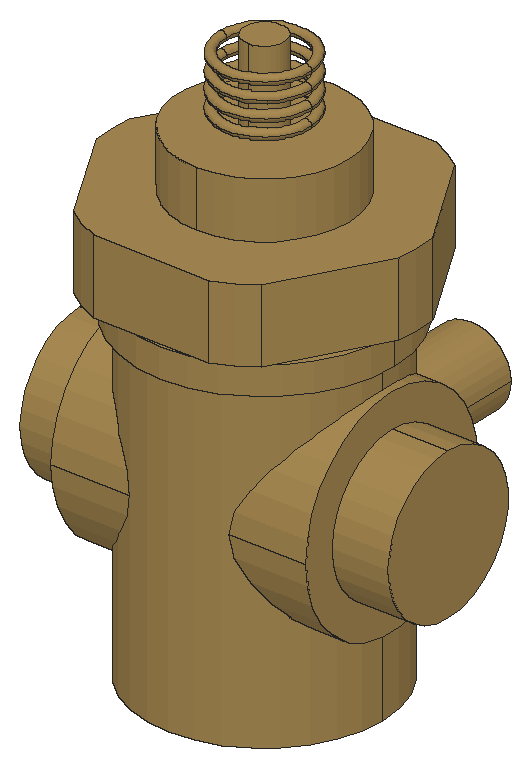
Revit family "VM2_DN15-50_RFA_1", category Pipe Accessories, Revit 2019
Family settings
  Round Connector Dimension = Use Diameter
  Part Type = Valve - Breaks Into
  OmniClass Number = 23.65.55.14.17
  OmniClass Title = Adjusting/Controlling Valves for Liquid Services
  Work Plane-Based = No
  Always vertical = Yes
  Cut with Voids When Loaded = No
  Shared = No
Parameters (values of type "VM2_DN15_Kvs0.25_065B2010")
  xx = if(and(LOD 350, DN15), 1 = 1, 1 = 0)  # yes
  vertical body diameter = 42 mm
  sweep right vertical distance = 41.36 mm
  sweep left vertical distance = 25.5 mm
  sweep horizontal distance = 28.096 mm
  top screw = 13.6 mm
  right sweep length = 27.957 mm
  left sweep length = 27.957 mm
  horizontal body diameter = 38 mm
  h3 = 13 mm
  h2 = 9.9 mm
  h1 = 14.5 mm
  bottom screw LOD200 = 54 mm
  bottom screw 350 visibility = if(and(LOD 350, not(DN4050)), 1 = 1, 1 = 0)  # yes
  ball diameter = 38 mm
  connector diameter = 26.4 mm
  bottom screw LOD350 = 10 mm
  Weight = 0.80 kg
  W = 53 mm
  Valve Body Material = Danfoss Red Bronze
  URL = "https://store.danfoss.com/en/Climate-Solutions-for-heating/Motorised-Control-Valves-/Globe-Valves/Valves-for-District-Heating-and-District-Cooling/c/4104?q=%3Arelevance%3Adanfoss_producttypehierarchydesc%3A0d59a4e392de68c6a8a7e13779f7b166dc42955a&page=0&pageSize=20"
  Stroke = "5 mm"
  Pressure Drop [instance] = 0.0 Pa
  Nominal Pressure = "PN 25"  # constant formula
  Model Type = "VM2_DN15_Kvs0.25"
  Model = "065B2010"
  Min Medium Temperature = "2 °C"  # constant formula
  Max Operating Pressure = "12 bar"  # constant formula
  Max Medium Temperature = "150 °C"  # constant formula
  Max Differential Pressure = "16 bar"
  Manufacturer = "Danfoss"  # constant formula
  LOD 350 = not(LOD 200)  # yes
  LOD 200 = no
  L1 = 10 mm
  L = 65 mm
  Kvs = 0.25 m³/h
  IfcExportType = "VM2"  # constant formula
  IfcExportAs = "IfcValveType"  # constant formula
  H2 = 67.7 mm
  H1 = 33.5 mm
  H = H1 + H2  # 101.2 mm
  Flow [instance] = 0.0 m³/h
  Description = "Motorized Control Valve"  # constant formula
  DN4050 = no
  DN15 = yes
  D = 15 mm
  Connection = "External thread"  # constant formula
Types (15, lengths in mm): name | xx | vertical body diameter | sweep right vertical distance | sweep left vertical distance | sweep horizontal distance | top screw | right sweep length | left sweep length | horizontal body diameter | h3 | h2 | h1 | bottom screw LOD200 | bottom screw 350 visibility | ball diameter | connector diameter | bottom screw LOD350 | Weight | W | Stroke | Model Type | Model | Max Differential Pressure | L1 | L | Kvs | H2 | H1 | H | DN4050 | DN15 | D
  VM2_DN20_Kvs4.0_065B2016 | no | 42 | 25.5 | 31.5 | 28.096 | 13.6 | 32 | 32 | 38 | 13 | 9.7 | 14.6 | 54 | yes | 56.4 | 33.2 | 10 | 0.83 kg | 61 | "5 mm" | "VM2_DN20_Kvs4.0" | "065B2016" | "25 bar" | 12.5 | 70 | 4.0 m³/h | 67.3 | 33.5 | 100.8 | no | no | 20
  VM2_DN25_Kvs6.3_065B2017 | no | 42 | 29.684 | 45.433 | 28.096 | 13.6 | 31.506 | 33.006 | 44 | 13 | 9.7 | 14.492 | 54 | yes | 58 | 41.9 | 10 | 0.98 kg | 63 | "5 mm" | "VM2_DN25_Kvs6.3" | "065B2017" | "25 bar" | 14.5 | 75 | 6.3 m³/h | 67.3 | 37 | 104.3 | no | no | 25
  VM2_DN32_Kvs10_065B2018 | no | 42 | 46.385 | 30.168 | 28.096 | 13 | 35 | 35 | 46 | 13.5 | 9.7 | 14.532 | 54 | yes | 62 | 48 | 10 | 1.18 kg | 66.705 | "5 mm" | "VM2_DN32_Kvs10" | "065B2018" | "25 bar" | 24.3 | 100 | 10.0 m³/h | 67.732 | 37.8 | 105.532 | no | no | 32
  VM2_DN40_Kvs16_065B2019 | no | 62 | 50.829 | 24.769 | 44.06 | 27.7 | 42.5 | 42.5 | 58 | 23.2 | 10.6 | 14.9 | 68 | no | 85 | 59.6 | 68 | 2.34 kg | 85.744 | "10 mm" | "VM2_DN40_Kvs16" | "065B2019" | "16 bar" | 12.3 | 110.5 | 16.0 m³/h | 88.2 | 38 | 126.2 | yes | no | 40
  VM2_DN50_Kvs25_065B2020 | no | 62 | 60.069 | 28.505 | 54.337 | 18.6 | 49.999 | 50 | 72 | 12.672 | 11.9 | 13.3 | 68 | no | 100 | 80.4 | 68 | 3.25 kg | 100.764 | "10 mm" | "VM2_DN50_Kvs25" | "065B2020" | "16 bar" | 16.5 | 130 | 25.0 m³/h | 86.7 | 45 | 131.7 | yes | no | 50
  VM2_DN15_Kvs0.25_065B2010 | yes | 42 | 41.36 | 25.5 | 28.096 | 13.6 | 27.957 | 27.957 | 38 | 13 | 9.9 | 14.5 | 54 | yes | 38 | 26.4 | 10 | 0.80 kg | 53 | "5 mm" | "VM2_DN15_Kvs0.25" | "065B2010" | "16 bar" | 10 | 65 | 0.25 m³/h | 67.7 | 33.5 | 101.2 | no | yes | 15
  VM2_DN32_Kvs10_065B2029 | no | 42 | 46.385 | 30.168 | 28.096 | 13 | 35 | 35 | 46 | 13.5 | 9.7 | 14.527 | 54 | yes | 62 | 48 | 10 | 1.22 kg | 66.7 | "7 mm" | "VM2_DN32_Kvs10" | "065B2029" | "25 bar" | 24.3 | 100 | 10.0 m³/h | 67.727 | 37.8 | 105.527 | no | no | 32
  VM2_DN25_Kvs8.0_065B2028 | no | 42 | 29.684 | 45.433 | 28.096 | 13.6 | 31.506 | 33.006 | 44 | 13 | 9.7 | 14.6 | 54 | yes | 58 | 41.9 | 10 | 0.98 kg | 63 | "5 mm" | "VM2_DN25_Kvs8.0" | "065B2028" | "25 bar" | 14.5 | 75 | 8.0 m³/h | 67.3 | 37 | 104.3 | no | no | 25
  VM2_DN20_Kvs6.3_065B2027 | no | 42 | 25.5 | 31.5 | 28.096 | 13.6 | 32 | 32 | 38 | 13 | 9.7 | 14.6 | 54 | yes | 56.4 | 33.2 | 10 | 0.83 kg | 61 | "7 mm" | "VM2_DN20_Kvs6.3" | "065B2027" | "25 bar" | 12.5 | 70 | 6.3 m³/h | 67.3 | 33.5 | 100.8 | no | no | 20
  VM2_DN15_Kvs0.4_065B2011 | yes | 42 | 41.36 | 25.5 | 28.096 | 13.6 | 27.957 | 27.957 | 38 | 13 | 9.9 | 14.5 | 54 | yes | 38 | 26.4 | 10 | 0.80 kg | 53 | "5 mm" | "VM2_DN15_Kvs0.4" | "065B2011" | "16 bar" | 10 | 65 | 0.4 m³/h | 67.7 | 33.5 | 101.2 | no | yes | 15
  VM2_DN15_Kvs0.63_065B2012 | yes | 42 | 41.36 | 25.5 | 28.096 | 13.6 | 27.957 | 27.957 | 38 | 13 | 9.9 | 14.5 | 54 | yes | 38 | 26.4 | 10 | 0.80 kg | 53 | "5 mm" | "VM2_DN15_Kvs0.63" | "065B2012" | "16 bar" | 10 | 65 | 0.63 m³/h | 67.7 | 33.5 | 101.2 | no | yes | 15
  VM2_DN15_Kvs1.0_065B2013 | yes | 42 | 41.36 | 25.5 | 28.096 | 13.6 | 27.957 | 27.957 | 38 | 13 | 9.9 | 14.5 | 54 | yes | 38 | 26.4 | 10 | 0.80 kg | 53 | "5 mm" | "VM2_DN15_Kvs1.0" | "065B2013" | "16 bar" | 10 | 65 | 1.0 m³/h | 67.7 | 33.5 | 101.2 | no | yes | 15
  VM2_DN15_Kvs1.6_065B2014 | yes | 42 | 41.36 | 25.5 | 28.096 | 13.6 | 27.957 | 27.957 | 38 | 13 | 9.9 | 14.5 | 54 | yes | 38 | 26.4 | 10 | 0.80 kg | 53 | "5 mm" | "VM2_DN15_Kvs1.6" | "065B2014" | "16 bar" | 10 | 65 | 1.6 m³/h | 67.7 | 33.5 | 101.2 | no | yes | 15
  VM2_DN15_Kvs2.5_065B2015 | yes | 42 | 41.36 | 25.5 | 28.096 | 13.6 | 27.957 | 27.957 | 38 | 13 | 9.9 | 14.5 | 54 | yes | 38 | 26.4 | 10 | 0.80 kg | 53 | "5 mm" | "VM2_DN15_Kvs2.5" | "065B2015" | "16 bar" | 10 | 65 | 2.5 m³/h | 67.7 | 33.5 | 101.2 | no | yes | 15
  VM2_DN15_Kvs4.0_065B2026 | yes | 42 | 41.36 | 25.5 | 28.096 | 13.6 | 27.957 | 27.957 | 38 | 13 | 9.9 | 14.5 | 54 | yes | 38 | 26.4 | 10 | 0.80 kg | 53 | "5 mm" | "VM2_DN15_Kvs4.0" | "065B2026" | "16 bar" | 10 | 65 | 4.0 m³/h | 67.7 | 33.5 | 101.2 | no | yes | 15
Reference planes
  plane 1 "Center (Front/Back)": y = 0
  plane 2: y = 0
  plane 3 "Center (Left/Right)": x = 0
  plane 4: z = -33.5
  plane 5 "1": z = 67.7
  plane 6: z = 30.3
  plane 7: z = 43.3
  plane 8 "2": z = 53.2
  plane 9: x = -32.5
  plane 10: x = 32.5
  plane 11: x = -22.5
  plane 12: x = 22.5
  plane 13 "sweep top": z = -8
  plane 14 "sweep bottom": z = 7.86
  plane 15 "sweep left": x = -14.048
  plane 16 "sweep right": x = 14.048
  plane 17: y = 27.957
  plane 18: y = 27.957
  plane 19 "spiral1": z = 64.8
  plane 20 "spiral2": z = 61.9
  plane 21 "spiral3": z = 59
  plane 22 "spiral4": z = 56.1
  plane 23: y = -25.043
  plane 24: z = 28.305
  plane 25: z = 23.305
  plane 26: y = 186.54
  plane 27: z = 212.592
Forms (mm)
  Extrusion 1, solid, material "Danfoss Red Bronze" <- "Valve Body Material", detail levels fine
    sketch origin (0, 0, 13.995) x (-1, 0, 0) y (0, -1, 0)
      loop
        circle (0, 0) r 21
    from -47.495 to 16.305
  Extrusion 2, solid, material "Danfoss Red Bronze" <- "Valve Body Material", visible <- "LOD 350", detail levels fine
    sketch origin (0, 0, -33.281) x (0, 0, 1) y (0, -1, 0)
      loop
        circle (33.281, 0.087) r 13.2
    from 22.5 to 32.5
  Extrusion 3, solid, material "Danfoss Red Bronze" <- "Valve Body Material", detail levels fine
    sketch origin (0, 0, -33.281) x (0, -1, 0) y (1, 0, 0)
      loop
        circle (0, 0) r 15
    from 76.581 to 86.481
  Extrusion 4, solid, material "Danfoss Red Bronze" <- "Valve Body Material", visible <- "bottom screw 350 visibility", detail levels fine
    sketch origin (0, 0, -33.281) x (0, -1, 0) y (1, 0, 0)
      loop
        arc (25, 10.198) -> (23.459, 13.544) -> (21.332, 16.552) r 20.036
        line (21.332, 16.552) -> (3.668, 26.75)
        arc (3.668, 26.75) -> (0, 26.982) -> (-3.668, 26.75) r 29.102
        line (-3.668, 26.75) -> (-21.332, 16.552)
        arc (-21.332, 16.552) -> (-23.399, 13.509) -> (-25, 10.198) r 25.131
        line (-25, 10.198) -> (-25, -10.198)
        arc (-25, -10.198) -> (-23.391, -13.505) -> (-21.332, -16.552) r 26.053
        line (-21.332, -16.552) -> (-3.668, -26.75)
        arc (-3.668, -26.75) -> (0, -27.011) -> (3.668, -26.75) r 25.917
        line (3.668, -26.75) -> (21.332, -16.552)
        arc (21.332, -16.552) -> (23.365, -13.49) -> (25, -10.198) r 29.374
        line (25, -10.198) -> (25, 10.198)
    from 76.581 to 63.581
  Extrusion 5, solid, material "Danfoss Red Bronze" <- "Valve Body Material", visible <- "LOD 350", detail levels fine
    sketch origin (0, 0, -33.281) x (0, -1, 0) y (1, 0, 0)
      loop
        circle (0, 0) r 3.5
    from 100.981 to 86.481
  Extrusion 6, solid, material "Danfoss Red Bronze" <- "Valve Body Material", visible <- "LOD 350", detail levels fine
    sketch origin (0, 0, -33.281) x (0, 0, 1) y (0, -1, 0)
      loop
        circle (33.281, 0.087) r 13.2
    from -32.5 to -22.5
  Extrusion 7, solid, material "Danfoss Red Bronze" <- "Valve Body Material", visible <- "LOD 350", detail levels fine
    sketch origin (0, 0, 0) x (0, 1, 0) y (0, 0, 1)
      loop
        circle (0, 0) r 19
    from -22.5 to 22.5
  Extrusion 8, solid, material "Danfoss Red Bronze" <- "Valve Body Material", visible <- "LOD 350", detail levels fine
    sketch origin (0, 0, 0) x (1, 0, 0) y (0, 1, 0)
      loop
        circle (0, 0) r 5
    from 30.3 to 43.3
  Revolve 9, solid, material "Danfoss Red Bronze" <- "Valve Body Material", detail levels fine
    sketch origin (0, 0, 0) x (0, 1, 0) y (0, 0, 1)
      loop
        line (0, -18.986) -> (0, 18.986)
        arc (0, 18.986) -> (-19.724, 0) -> (0, -18.986) r 19
      axis (0, 18.986) -> (0, -18.986)
    angle from 0 to 360
  Extrusion 10, void
    sketch origin (0, 47.276, 0) x (-1, 0, 0) y (0, 0, 1)
      loop
        line (107.5, -33.5) -> (-112.5, -33.5) -> (-112.5, -108.5) -> (107.5, -108.5) -> (107.5, -33.5)
    from -177.65 to 137.724
  Sweep 11, solid, material "Danfoss Red Bronze" <- "Valve Body Material", visible <- "LOD 350", detail levels fine
    path origin (0, 0, -8) x (-1, 0, 0) y (0, -1, 0)
      loop
        line (14.048, 0) -> (14.048, -27.957)
    profile origin (-14.048, 13.979, -8) x (-1, 0, 0) y (0, 0, 1)
      loop
        circle (0, 0) r 6.99
  Sweep 12, solid, material "Danfoss Red Bronze" <- "Valve Body Material", visible <- "LOD 350", detail levels fine
    path origin (0, 0, 7.86) x (-1, 0, 0) y (0, -1, 0)
      loop
        line (-14.048, 0) -> (-14.048, -27.957)
    profile origin (14.048, 13.979, 7.86) x (-1, 0, 0) y (0, 0, 1)
      loop
        circle (0, 0) r 7.035
  Sweep 13, solid, material "Danfoss Red Bronze" <- "Valve Body Material", visible <- "LOD 350", detail levels fine
    path origin (0, 0, 64.8) x (-1, 0, 0) y (0, -1, 0)
      loop
        circle (0, 0) r 7.5
    profile origin (0, -7.5, 64.8) x (0, 1, 0) y (0, 0, 1)
      loop
        circle (0, 0) r 0.788
  Sweep 14, solid, material "Danfoss Red Bronze" <- "Valve Body Material", visible <- "LOD 350", detail levels fine
    path origin (0, 0, 61.9) x (-1, 0, 0) y (0, -1, 0)
      loop
        circle (0, 0) r 7.5
    profile origin (0, -7.5, 61.9) x (0, 1, 0) y (0, 0, 1)
      loop
        circle (0, 0) r 0.799
  Sweep 15, solid, material "Danfoss Red Bronze" <- "Valve Body Material", visible <- "LOD 350", detail levels fine
    path origin (0, 0, 59) x (-1, 0, 0) y (0, -1, 0)
      loop
        circle (0, 0) r 7.5
    profile origin (0, -7.5, 59) x (0, 1, 0) y (0, 0, 1)
      loop
        circle (0, 0) r 0.826
  Sweep 16, solid, material "Danfoss Red Bronze" <- "Valve Body Material", visible <- "LOD 350", detail levels fine
    path origin (0, 0, 56.1) x (-1, 0, 0) y (0, -1, 0)
      loop
        circle (0, 0) r 7.5
    profile origin (0, -7.5, 56.1) x (0, 1, 0) y (0, 0, 1)
      loop
        circle (0, 0) r 0.8
  Extrusion 17, solid, material "Danfoss Red Bronze" <- "Valve Body Material", visible <- "LOD 200", detail levels fine
    sketch origin (0, 0, -33.281) x (0, 0, 1) y (0, -1, 0)
      loop
        circle (33.281, 0.087) r 13.2
    from -32.5 to 32.5
  Extrusion 18, solid, material "Danfoss Red Bronze" <- "Valve Body Material", visible <- "LOD 200"
    sketch origin (0, 0, 56.1) x (-1, 0, 0) y (0, -1, 0)
      loop
        circle (0, 0) r 8.316
    from -2.9 to 11.6
  Extrusion 19, solid, material "Danfoss Red Bronze" <- "Valve Body Material", visible <- "LOD 200", detail levels fine
    sketch origin (0, 0, 0) x (1, 0, 0) y (0, 1, 0)
      loop
        circle (0, 0) r 27
    from 30.3 to 43.3
  Extrusion 20, solid, material "Danfoss Red Bronze" <- "Valve Body Material", visible <- "xx", detail levels fine
    sketch origin (0, 0, 56.1) x (-1, 0, 0) y (0, -1, 0)
      loop
        circle (0, 0) r 23
    from -27.795 to -32.795
Cuts and joins
  Extrusion 10 cuts Revolve 9
Dimensions and locks
  "H1": level to plane 4
  "H2": plane 5 "1" to level
  "L": plane 10 to plane 9
  equal spacing: plane 10, plane 3 "Center (Left/Right)", plane 9
  "L1": plane 10 to plane 12
  "L1": plane 11 to plane 9
  equal spacing: Revolve 9 sketch curve, level, Revolve 9 sketch curve
  "ball diameter": Revolve 9 sketch curve to Revolve 9 sketch curve
  equal spacing: plane 16 "sweep right", plane 3 "Center (Left/Right)", plane 15 "sweep left"
  "sweep horizontal distance": plane 16 "sweep right" to plane 15 "sweep left"
  "left sweep length": plane 17 to plane 2
  "right sweep length": plane 18 to plane 2
  "sweep left vertical distance": plane 13 "sweep top" to plane 4
  "sweep right vertical distance": plane 14 "sweep bottom" to plane 4
  "W": plane 23 to plane 17
  equal spacing: plane 5 "1", plane 19 "spiral1", plane 20 "spiral2", plane 21 "spiral3", plane 22 "spiral4", plane 8 "2"
  "h2": plane 8 "2" to plane 7
  "h3": plane 7 to plane 6
  "h1": plane 5 "1" to plane 8 "2"
  plane 6 to plane 24 to plane 25 = 1.995 mm locked, 5 mm locked
  "connector diameter": diameter of Extrusion 2 sketch curve
  "connector diameter": diameter of Extrusion 6 sketch curve
  "horizontal body diameter": diameter of Extrusion 7 sketch curve
  "vertical body diameter": diameter of Extrusion 1 sketch curve
  "bottom screw LOD350": diameter of Extrusion 8 sketch curve
  "ball diameter": diameter of Revolve 9 sketch curve
  "connector diameter": diameter of Extrusion 17 sketch curve
  "bottom screw LOD200": diameter of Extrusion 19 sketch curve
  aligned and locked: Extrusion 4 to plane 6
  aligned and locked: Extrusion 5 to plane 8 "2"
  aligned and locked: plane 4 to Extrusion 1
  aligned and locked: plane 5 "1" to Extrusion 5
  aligned and locked: plane 10 to Extrusion 2
  aligned and locked: Extrusion 2 to plane 12
  aligned and locked: Extrusion 6 to plane 9
  aligned and locked: plane 11 to Extrusion 6
  aligned and locked: Extrusion 7 to plane 11
  aligned and locked: plane 12 to Extrusion 7
  aligned and locked: Extrusion 1 to plane 6
  aligned and locked: plane 6 to Extrusion 8
  aligned and locked: Extrusion 8 to plane 7
  aligned and locked: plane 2 to Revolve 9 sketch curve  (x2)
  aligned and locked: Extrusion 10 sketch curve to plane 4
  aligned and locked: Extrusion 17 to plane 9
  aligned and locked: plane 10 to Extrusion 17
  aligned and locked: plane 5 "1" to Extrusion 18
  aligned and locked: plane 8 "2" to Extrusion 18
  aligned and locked: Extrusion 19 to plane 7
  aligned and locked: plane 6 to Extrusion 19
  aligned and locked: Extrusion 4 to plane 7
  aligned and locked: plane 7 to Extrusion 3
  aligned and locked: Extrusion 3 to plane 8 "2"
  aligned and locked: plane 25 to Extrusion 20
  aligned and locked: plane 24 to Extrusion 20
Automatic sketch dimensions
  plane 1 "Center (Front/Back)" to Extrusion 3 sketch curve = 0 mm
  plane 3 "Center (Left/Right)" to Extrusion 3 sketch curve = 0 mm
  plane 1 "Center (Front/Back)" to Extrusion 4 sketch curve = 0 mm  (x2)
  Extrusion 4 sketch curve to plane 1 "Center (Front/Back)" = 0.828 mm
  Extrusion 4 sketch curve to plane 1 "Center (Front/Back)" = 1.635 mm
  Extrusion 4 sketch curve to Extrusion 4 sketch curve = 0.439 mm
  Extrusion 4 sketch curve to plane 1 "Center (Front/Back)" = 3.668 mm  (x2)
  plane 1 "Center (Front/Back)" to Extrusion 4 sketch curve = 3.668 mm  (x2)
  plane 1 "Center (Front/Back)" to Extrusion 4 sketch curve = 6.108 mm
  Extrusion 4 sketch curve to Extrusion 4 sketch curve = 15.224 mm
  Extrusion 4 sketch curve to Extrusion 4 sketch curve = 17.664 mm  (x3)
  Extrusion 4 sketch curve to Extrusion 4 sketch curve = 3.668 mm
  Extrusion 4 sketch curve to Extrusion 4 sketch curve = 6.354 mm  (x2)
  Extrusion 4 sketch curve to Extrusion 4 sketch curve = 1.642 mm
  Extrusion 4 sketch curve to Extrusion 4 sketch curve = 1.027 mm
  Extrusion 4 sketch curve to Extrusion 4 sketch curve = 0.253 mm
  plane 3 "Center (Left/Right)" to Extrusion 4 sketch curve = 3.526 mm
  plane 3 "Center (Left/Right)" to Extrusion 4 sketch curve = 10.198 mm  (x2)
  plane 1 "Center (Front/Back)" to Extrusion 5 sketch curve = 0 mm
  Extrusion 5 sketch curve to plane 3 "Center (Left/Right)" = 0 mm
  Extrusion 4 sketch curve to Extrusion 4 sketch curve = 10.198 mm  (x2)
  plane 3 "Center (Left/Right)" to Extrusion 4 sketch curve = 1.197 mm
  Extrusion 4 sketch curve to plane 3 "Center (Left/Right)" = 0.478 mm
  plane 3 "Center (Left/Right)" to Extrusion 4 sketch curve = 16.552 mm
  plane 10 to Extrusion 10 sketch curve = 80 mm
  Extrusion 10 sketch curve to plane 4 = 75 mm
  Extrusion 10 sketch curve to plane 9 = 75 mm
  Sweep 11 sketch curve to plane 15 "sweep left" = 0 mm
  Sweep 11 sketch curve to plane 17 = 0 mm
  plane 1 "Center (Front/Back)" to Sweep 11 sketch curve = 0 mm
  plane 13 "sweep top" to Sweep 11 sketch curve = 0 mm
  Sweep 11 sketch curve to profile plane = 0 mm
  Sweep 12 sketch curve to plane 16 "sweep right" = 0 mm
  Sweep 12 sketch curve to plane 18 = 0 mm
  plane 1 "Center (Front/Back)" to Sweep 12 sketch curve = 0 mm
  plane 14 "sweep bottom" to Sweep 12 sketch curve = 0 mm
  Sweep 12 sketch curve to profile plane = 0 mm
  plane 1 "Center (Front/Back)" to Sweep 13 sketch curve = 0 mm
  Sweep 13 sketch curve to plane 3 "Center (Left/Right)" = 0 mm
  Sweep 13 sketch curve to plane 19 "spiral1" = 0 mm
  Sweep 13 sketch curve to profile plane = 0 mm
  plane 1 "Center (Front/Back)" to Sweep 14 sketch curve = 0 mm
  Sweep 14 sketch curve to plane 3 "Center (Left/Right)" = 0 mm
  Sweep 14 sketch curve to plane 20 "spiral2" = 0 mm
  Sweep 14 sketch curve to profile plane = 0 mm
  plane 1 "Center (Front/Back)" to Sweep 15 sketch curve = 0 mm
  Sweep 15 sketch curve to plane 3 "Center (Left/Right)" = 0 mm
  Sweep 15 sketch curve to plane 21 "spiral3" = 0 mm
  Sweep 15 sketch curve to profile plane = 0 mm
  plane 1 "Center (Front/Back)" to Sweep 16 sketch curve = 0 mm
  Sweep 16 sketch curve to plane 3 "Center (Left/Right)" = 0 mm
  Sweep 16 sketch curve to plane 22 "spiral4" = 0 mm
  Sweep 16 sketch curve to profile plane = 0 mm
  plane 1 "Center (Front/Back)" to Extrusion 18 sketch curve = 0 mm
  Extrusion 18 sketch curve to plane 3 "Center (Left/Right)" = 0 mm
  plane 1 "Center (Front/Back)" to Extrusion 20 sketch curve = 0 mm
  Extrusion 20 sketch curve to plane 3 "Center (Left/Right)" = 0 mm
  plane 1 "Center (Front/Back)" to Extrusion 1 sketch curve = 0 mm
  Extrusion 1 sketch curve to plane 3 "Center (Left/Right)" = 0 mm
  Extrusion 2 sketch curve to level = 0 mm
  plane 1 "Center (Front/Back)" to Extrusion 2 sketch curve = 0.087 mm
  Extrusion 6 sketch curve to level = 0 mm
  plane 1 "Center (Front/Back)" to Extrusion 6 sketch curve = 0.087 mm
  Extrusion 7 sketch curve to level = 0 mm
  Extrusion 7 sketch curve to plane 1 "Center (Front/Back)" = 0 mm
  plane 1 "Center (Front/Back)" to Extrusion 8 sketch curve = 0 mm
  Extrusion 8 sketch curve to plane 3 "Center (Left/Right)" = 0 mm
  Revolve 9 sketch curve to level = 0 mm
  Revolve 9 sketch curve to plane 1 "Center (Front/Back)" = 0 mm
  plane 1 "Center (Front/Back)" to Revolve 9 sketch curve = 0.724 mm
  Extrusion 17 sketch curve to level = 0 mm
  plane 1 "Center (Front/Back)" to Extrusion 17 sketch curve = 0.087 mm
  plane 1 "Center (Front/Back)" to Extrusion 19 sketch curve = 0 mm
  Extrusion 19 sketch curve to plane 3 "Center (Left/Right)" = 0 mm
  radius of Extrusion 3 sketch curve = 15 mm
  radius of Extrusion 5 sketch curve = 3.5 mm
  radius of Sweep 11 sketch curve = 6.99 mm
  radius of Sweep 12 sketch curve = 7.035 mm
  radius of Sweep 13 sketch curve = 7.5 mm
  radius of Sweep 13 sketch curve = 0.788 mm
  radius of Sweep 14 sketch curve = 7.5 mm
  radius of Sweep 14 sketch curve = 0.799 mm
  radius of Sweep 15 sketch curve = 7.5 mm
  radius of Sweep 15 sketch curve = 0.826 mm
  radius of Sweep 16 sketch curve = 7.5 mm
  radius of Sweep 16 sketch curve = 0.8 mm
  radius of Extrusion 18 sketch curve = 8.316 mm
  radius of Extrusion 20 sketch curve = 23 mm
Nested families
  nested 1: "VM2 Symbol" at (0, 0, 0), H2 <- "H2", connector diameter <- "connector diameter", length <- "L", type "VM2 Symbol", detail levels coarse+medium
    with length 65 mm, connector diameter 26.4 mm, H2 67.7 mm, 0,5length 32.5 mm, 0,25length 16.25 mm
Connectors
  piping at (-32.5, -0.087, 0), diameter 15, driven by "D", driven by "Flow"
    settings: on Extrusion 6, index 1, connector inside diameter 609.6 mm, connector length 0 mm, flow factor 0, pipe flow 0.0 m³/h, pressure drop 0.0 Pa, fitting loss kfactor 0, connector angle 0.00°, fixture units 0, engagement length 0 mm, angle of deflection 0.00°, flow configuration 0, flow direction 0, fitting loss method 0, system type 29, joint type 0, gender type 0, connector reference index 2, connector utility 0, adjustable connector no, is connector primary yes, connector description ""
  piping at (32.5, -0.087, 0), diameter 15, driven by "D", driven by "Flow"
    settings: on Extrusion 2, index 2, connector inside diameter 609.6 mm, connector length 0 mm, flow factor 0, pipe flow 0.0 m³/h, pressure drop 0.0 Pa, fitting loss kfactor 0, connector angle 0.00°, fixture units 0, engagement length 0 mm, angle of deflection 0.00°, flow configuration 0, flow direction 0, fitting loss method 0, system type 29, joint type 0, gender type 0, connector reference index 1, connector utility 0, adjustable connector no, is connector primary no, connector description ""
Definition of nested family "VM2 Symbol"
  Parameters (values of type "VM2 Symbol")
    length [instance] = 90 mm
    connector diameter [instance] = 26.4 mm
    H2 [instance] = 62 mm
    0,5length [instance] = length / 2  # 45 mm
    0,25length [instance] = length / 4  # 22.5 mm
  Reference planes
    plane 1 "Center (Front/Back)": y = 0
    plane 2: z = 0
    plane 3 "Center (Left/Right)": x = 0
    plane 4: x = -45
    plane 5: x = 45
    plane 6: y = 62
    plane 7: y = -13.2
    plane 8: y = 13.2
    plane 9: z = 13.2
    plane 10: z = -13.2
    plane 11: z = 62
    plane 12: z = 31
    plane 13: x = -22.5
    plane 14: x = 22.5
    plane 15: y = 31
    plane 16: z = 76
    plane 17: y = 76
  Lines and regions (mm)
    symbolic lines
      curve 1: line (-45, 13.2, 0) -> (45, -13.2, 0)
      curve 2: line (45, -13.2, 0) -> (45, 13.2, 0)
      curve 3: line (45, 13.2, 0) -> (-45, -13.2, 0)
      curve 4: line (-45, -13.2, 0) -> (-45, 13.2, 0)
      curve 14: line (0, 0, 0) -> (0, 31, 0)
      curve 15: line (-22.5, 76, 0) -> (22.5, 76, 0)
      curve 16: line (-22.5, 31, 0) -> (-22.5, 76, 0)
      curve 17: line (22.5, 31, 0) -> (-22.5, 31, 0)
      curve 18: line (22.5, 76, 0) -> (22.5, 31, 0)
    model lines
      curve 5: line (-45, 0, -13.2) -> (45, 0, 13.2)
      curve 6: line (45, 0, -13.2) -> (-45, 0, 13.2)
      curve 7: line (-45, 0, 13.2) -> (-45, 0, -13.2)
      curve 8: line (45, 0, 13.2) -> (45, 0, -13.2)
      curve 9: line (0, 0, 0) -> (0, 0, 31)
      curve 10: line (-22.5, 0, 76) -> (22.5, 0, 76)
      curve 11: line (-22.5, 0, 31) -> (-22.5, 0, 76)
      curve 12: line (22.5, 0, 31) -> (-22.5, 0, 31)
      curve 13: line (22.5, 0, 76) -> (22.5, 0, 31)
  Dimensions and locks
    equal spacing: plane 4, plane 3 "Center (Left/Right)", plane 5
    "length": plane 4 to plane 5
    "H2": plane 6 to plane 1 "Center (Front/Back)"
    equal spacing: plane 8, plane 1 "Center (Front/Back)", plane 7
    "connector diameter": plane 8 to plane 7
    equal spacing: plane 9, level, plane 10
    "connector diameter": plane 9 to plane 10
    "H2": plane 11 to level
    "0,5length": plane 16 to plane 12
    "0,25length": plane 13 to plane 4
    "0,25length": plane 5 to plane 14
    "0,5length": plane 17 to plane 15
    equal spacing: plane 11, plane 12, level
    equal spacing: plane 1 "Center (Front/Back)", plane 15, plane 6
    aligned and locked: level to plane 2
    aligned and locked: curve 7 to plane 4
    aligned and locked: curve 8 to plane 5
    aligned and locked: plane 8 to curve 2
    aligned and locked: plane 13 to curve 11
    aligned and locked: plane 12 to curve 12
    aligned and locked: curve 13 to plane 14
    aligned and locked: plane 13 to curve 16
    aligned and locked: plane 15 to curve 17
    aligned and locked: curve 18 to plane 14
    aligned and locked: curve 10 to plane 16
    aligned and locked: curve 15 to plane 17
  Automatic sketch dimensions
    curve 9 to level = 0 mm
    curve 9 to plane 3 "Center (Left/Right)" = 0 mm
    curve 8 to plane 10 = 0 mm
    curve 7 to plane 10 = 0 mm
    curve 7 to plane 9 = 0 mm
    curve 4 to plane 4 = 0 mm
    plane 1 "Center (Front/Back)" to curve 14 = 0 mm
    curve 14 to plane 3 "Center (Left/Right)" = 0 mm
    curve 1 to plane 5 = 0 mm
    curve 1 to plane 7 = 0 mm
    curve 4 to plane 7 = 0 mm
